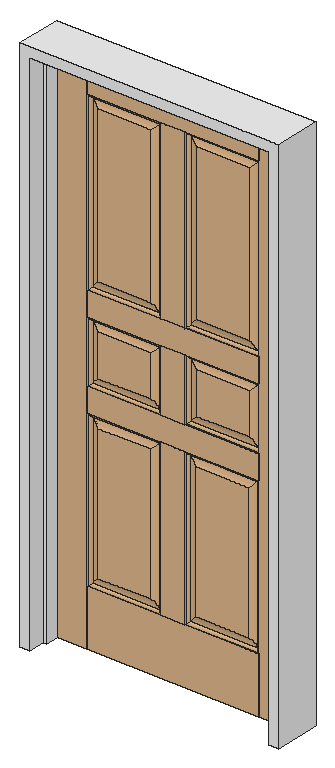
Revit family
Parameters (values of type "1 3/8" Raised Panel")
  URL = "http://www.karonadoor.com"
  Thickness Note = "Do not edit thickness."  # constant formula
  Thickness = 1.334"
  Swing Angle 2D = 90.00°
  SmartBIM Object Version = 1  # constant formula
  SmartBIM Object Created By = "Reed Construction Data"  # constant formula
  Rough Width = 0.000"
  Rough Height = 0.000"
  Panel = Panel_K5600_Karona : 1 3/8" - Raised Panel
  Model = "K5600 Ovolo"  # constant formula
  Manufacturer = "Karona , Inc."  # constant formula
  Detail Door Thickness = 1.375"
  Assembly Code = ""
  Top Rail Height = 5.000"
  Top Rail = Wood, Cherry - Grain Horizontal
  Stile Width = 5.063"
  Stile = Wood, Cherry - Grain Vertical
  Sticking = Wood, Cherry - Grain Vertical
  Middle Rail = Wood, Cherry - Grain Horizontal
  Height = 80.000"
  Wall Closure = (empty or 0)
  Width = 36.000"
  Frame = Metal
  Bottom Rail Height = 8.500"
  Bottom Rail = Wood, Cherry - Grain Horizontal
  95 CSI = "08210"  # constant formula
  04 CSI = "08 14 33"  # constant formula
Types (9): name | Thickness | Rough Height | Panel | Detail Door Thickness
  1 3/4" Flat Panel | 1.774" | 1.750" | Panel_K5600_Karona : 1 3/4" - Flat Panel | 1.750"
  1 3/8" Flat Panel | 1.334" | 0.000" | Panel_K5600_Karona : 1 3/8" - Flat Panel | 1.375"
  2 1/4" Flat Panel | 2.250" | 0.000" | Panel_K5600_Karona : 2 1/4" - Flat Panel | 2.250"
  1 3/4" Glass Panel | 1.774" | 1.750" | Panel_K5600_Karona : 1 3/4" - Glass Panel | 1.750"
  1 3/8" Glass Panel | 1.334" | 0.000" | Panel_K5600_Karona : 1 3/8" - Glass Panel | 1.375"
  2 1/4" Glass Panel | 2.250" | 0.000" | Panel_K5600_Karona : 2 1/4" - Glass | 2.250"
  1 3/4" Raised Panel | 1.774" | 1.750" | Panel_K5600_Karona : 1 3/4" - Raised Panel | 1.750"
  1 3/8" Raised Panel | 1.334" | 0.000" | Panel_K5600_Karona : 1 3/8" - Raised Panel | 1.375"
  2 1/4" Raised Panel | 2.250" | 0.000" | Panel_K5600_Karona : 2 1/4" - Raised Panel | 2.250"
Reference planes (in)
  plane 1 "Center (Front/Back)": y = 0
  plane 2 "Center (Left/Right)": x = 0
  plane 3 "Left": x = -18
  plane 4 "Right": x = 18
  plane 5 "Top": z = 80
  plane 6 "Exterior Edge of Frame": y = 3.5
  plane 7 "Interior Edge of Frame": y = -3.5
  plane 8: y = 1
  plane 9: y = -1
  plane 10 "Opening Left": x = -19.5
  plane 11 "Opening Right": x = 19.5
  plane 12 "Top of Opening": z = 81.5
  plane 13: x = -17.5
Forms (in)
  Sweep 1, solid, material "Metal" <- "Frame"
    path origin (0, 0, 0) x (1, 0, 0) y (0, 0, 1)
      loop
        line (-19.5, 0) -> (-19.5, 81.5) -> (19.5, 81.5) -> (19.5, 0)
    profile origin (-19.5, 0, 40.75) x (-1, 0, 0) y (0, -1, 0)
      loop
        line (0, -3.5) -> (0, 3.5) -> (-1.5, 3.5) -> (-1.5, 1) -> (-2, 1) -> (-2, -1) -> (-1.5, -1) -> (-1.5, -3.5) -> (0, -3.5)
Lines and regions (in)
  Opening 1
    outline origin (-90, -3, 0) x (1, 0, 0) y (0, 0, 1)
      loop
        line (70.5, 0) -> (109.5, 0) -> (109.5, 81.5) -> (70.5, 81.5) -> (70.5, 0)
  symbolic lines, style "Elevation Swing"
    curve 1: line (18, 3, 0) -> (-18, 3, 40)
    curve 2: line (-18, 3, 40) -> (18, 3, 80)
Text (in)
  text "Exterior" at (-46.13199, 20.20143, 0), in view "Ref. Level"
  text "Interior" at (-46.13199, -10.56751, 0), in view "Ref. Level"
  text "Exterior" at (0, 40.15149, 123.01588), in view "Right"
  text "Interior" at (0, -64.39139, 123.01588), in view "Right"
  text "Interior" at (0, -31.01599, 123.00693), in view "Left"
  text "Exterior" at (0, 54.57065, 123.00693), in view "Left"
Dimensions and locks (in)
  "Height": level to plane 5 "Top"
  "Width": plane 3 "Left" to plane 4 "Right"
  equal spacing: host wall, curve 2, plane 5 "Top"
  locked: host wall to plane 7 "Interior Edge of Frame" at 0.5
  locked: plane 6 "Exterior Edge of Frame" to host wall at 0.5
  locked: plane 9 to plane 7 "Interior Edge of Frame" at 2.5
  locked: plane 6 "Exterior Edge of Frame" to plane 8 at 2.5
  equal spacing: plane 3 "Left", plane 2 "Center (Left/Right)", plane 4 "Right"
  locked: plane 4 "Right" to plane 11 "Opening Right" at 1.5
  locked: plane 5 "Top" to plane 12 "Top of Opening" at 1.5
  locked: plane 3 "Left" to plane 13 at 0.5
  locked: plane 10 "Opening Left" to plane 3 "Left" at 1.5
  aligned and locked: Opening 1 sketch curve to level
  aligned and locked: plane 4 "Right" to curve 1
  aligned and locked: plane 3 "Left" to curve 1
  aligned and locked: plane 5 "Top" to curve 2
  aligned and locked: Opening 1 sketch curve to plane 11 "Opening Right"
  aligned and locked: plane 12 "Top of Opening" to Opening 1 sketch curve
  aligned and locked: Opening 1 sketch curve to plane 10 "Opening Left"
  aligned and locked: plane 10 "Opening Left" to Sweep 1 sketch curve
  aligned and locked: plane 12 "Top of Opening" to Sweep 1 sketch curve
  aligned and locked: plane 11 "Opening Right" to Sweep 1 sketch curve
  aligned and locked: level to Sweep 1 sketch curve  (x2)
  aligned and locked: Sweep 1 sketch curve to plane 10 "Opening Left"
  aligned and locked: Sweep 1 sketch curve to plane 6 "Exterior Edge of Frame"
  aligned and locked: Sweep 1 sketch curve to plane 7 "Interior Edge of Frame"
  aligned and locked: Sweep 1 sketch curve to plane 8
  aligned and locked: Sweep 1 sketch curve to plane 9
  aligned and locked: plane 13 to Sweep 1 sketch curve
  aligned and locked: plane 3 "Left" to Sweep 1 sketch curve  (x2)
  aligned and locked: nested 1 to plane 2 "Center (Left/Right)"
  aligned and locked: nested 1 to plane 8  (x2)
  aligned and locked: nested 2 to plane 3 "Left"
  aligned and locked: nested 2 to plane 8
Automatic sketch dimensions
  curve 1 to level = 0.000"
  curve 2 to plane 4 "Right" = 0.000"
Nested families (in)
  nested 1: "Panel_K5600_Karona" at (-13.5, 0.5595, 0) x (-1, 0, 0) z (0, 0, 1), type <- "Panel", type "1 3/8" - Raised Panel"
  nested 2: "Door Panel Plan View" at (-31.5, 1, 0) x (-1, 0, 0) z (0, 0, 1), type "Door Panel Plan View"
    with Thickness 1.375", Height 80.000"
Definition of nested family "Panel_K5600_Karona"
  Parameters (values of type "2 1/4" - Raised Panel")
    Width = 36.000"
    Top Rail Material = Wood, Cherry - Grain Horizontal
    Top Rail Height = 5.000"
    Top Panel Offset = 14.875"
    Thickness Note = "Do not change door thickness"  # constant formula
    Thickness = 2.250"
    Stile Width = 5.063"
    Stile Material = Wood, Cherry - Grain Vertical
    Sticking Material = Wood, Cherry - Grain Vertical
    Panel Width = (Width - ((2 * Stile Width) + Mullion Width)) / 2  # 11.1245"
    Panel Height = Height - (Top Rail Height + Mullion Width + Middle Panel Height + Mullion Width + Bottom Panel Height + Bottom Rail Height)  # 26.500"
    Panel = Glass-Sticking-Assembly-Ovolo_Karona : Raised Panel
    Mullion Width = 3.625"  # constant formula
    Middle Panel Width = Width - (2 * Stile Width)  # 25.874"
    Middle Panel Height = 9.375"  # constant formula
    Interior Panel = Wood, Cherry - Grain Vertical
    Height = 80.000"
    Exterior Edge - Glass Bottom Offset = if(Thickness = 1.774", 0.567", if(Thickness = 2.250", 0.803", 0.469"))  # 0.803"
    Door Panel Material = Wood, Cherry - Grain Vertical
    Default Elevation = 0.000"  # constant formula
    Bottom Rail Material = Wood, Cherry - Grain Horizontal
    Bottom Rail Height = 8.500"
    Bottom Panel Height = Bottom Height - (Bottom Rail Height + Mullion Width)  # 23.375"
    Bottom Height = 35.500"
    Assembly Code = ""
  Types (9): name | Top Panel Offset | Thickness | Panel | Interior Panel | Exterior Edge - Glass Bottom Offset
    2 1/4" - Flat Panel | 14.875" | 2.250" | Glass-Sticking-Assembly-Ovolo_Karona : Flat Panel | Wood, Cherry - Grain Vertical | 0.803"
    2 1/4" - Glass | 14.875" | 2.250" | Glass-Sticking-Assembly-Ovolo_Karona : Glass Panel | Glass | 0.803"
    2 1/4" - Raised Panel | 14.875" | 2.250" | Glass-Sticking-Assembly-Ovolo_Karona : Raised Panel | Wood, Cherry - Grain Vertical | 0.803"
    1 3/4" - Raised Panel | 16.542" | 1.774" | Glass-Sticking-Assembly-Ovolo_Karona : Raised Panel | Wood, Cherry - Grain Vertical | 0.567"
    1 3/4" - Flat Panel | 14.875" | 1.774" | Glass-Sticking-Assembly-Ovolo_Karona : Flat Panel | Wood, Cherry - Grain Vertical | 0.567"
    1 3/4" - Glass Panel | 14.875" | 1.774" | Glass-Sticking-Assembly-Ovolo_Karona : Glass Panel | Glass | 0.567"
    1 3/8" - Raised Panel | 14.875" | 1.334" | Glass-Sticking-Assembly-Ovolo_Karona : Raised Panel | Wood, Cherry - Grain Vertical | 0.469"
    1 3/8" - Glass Panel | 14.875" | 1.334" | Glass-Sticking-Assembly-Ovolo_Karona : Glass Panel | Glass | 0.469"
    1 3/8" - Flat Panel | 14.875" | 1.334" | Glass-Sticking-Assembly-Ovolo_Karona : Flat Panel | Wood, Cherry - Grain Vertical | 0.469"
  Reference planes (in)
    plane 1 "Center (Front/Back)": y = 1.2315
    plane 2: z = 0
    plane 3 "Center (Left/Right)": x = -13.5
    plane 4 "Left": x = -31.5
    plane 5: x = 4.5
    plane 6 "Inner Left": x = -26.437
    plane 7 "Inner Right": x = -0.563
    plane 8 "Bottom Of Top Rail": z = 75
    plane 9 "Top": z = 80
    plane 10 "Interior Edge of Door": y = 2.3565
    plane 11: z = 75
    plane 12 "Exterior Edge of Door": y = 0.1065
    plane 13 "Bottom of Glass": y = 0.9095
    plane 14 "Left Panel Vertical Midline": x = -13.5
    plane 15: z = 48.5
    plane 16: z = 44.875
    plane 17: z = 35.5
    plane 18: z = 31.875
    plane 19: z = 8.5
    plane 20: z = 61.75
    plane 21: z = 20.1875
    plane 22: z = 40.1875
    plane 23: x = -20.87475
    plane 24: x = -6.12525
    plane 25: x = -15.3125
    plane 26: x = -11.6875
  Forms (in)
    Extrusion 1, solid, material "Wood, Cherry - Grain Horizontal" <- "Bottom Rail Material"
      sketch origin (0, -101.3125, 0) x (1, 0, 0) y (0, 0, 1)
        loop
          line (-26.437, 0) -> (-0.563, 0) -> (-0.563, 8.5) -> (-26.437, 8.5) -> (-26.437, 0)
      from -103.669 to -101.419
    Extrusion 2, solid, material "Wood, Cherry - Grain Vertical" <- "Stile Material"
      sketch origin (0, 1.2315, 0) x (1, 0, 0) y (0, 0, 1)
        loop
          line (-31.5, 80) -> (-31.5, 0) -> (-26.437, 0) -> (-26.437, 80) -> (-31.5, 80)
        loop
          line (-0.563, 0) -> (4.5, 0) -> (4.5, 80) -> (-0.563, 80) -> (-0.563, 0)
      from -1.125 to 1.125
    Extrusion 3, solid, material "Wood, Cherry - Grain Horizontal" <- "Top Rail Material"
      sketch origin (0, 1.2315, 0) x (1, 0, 0) y (0, 0, 1)
        loop
          line (-26.437, 80) -> (-26.437, 75) -> (-0.563, 75) -> (-0.563, 80) -> (-26.437, 80)
      from -1.125 to 1.125
    Extrusion 4, solid, material "Wood, Cherry - Grain Horizontal" <- "Top Rail Material"
      sketch origin (0, 1.2315, 0) x (1, 0, 0) y (0, 0, 1)
        loop
          line (-26.437, 31.875) -> (-0.563, 31.875) -> (-0.563, 35.5) -> (-26.437, 35.5) -> (-26.437, 31.875)
        loop
          line (-26.437, 48.5) -> (-26.437, 44.875) -> (-0.563, 44.875) -> (-0.563, 48.5) -> (-26.437, 48.5)
      from -1.125 to 1.125
    Extrusion 5, solid, material "Wood, Cherry - Grain Vertical" <- "Door Panel Material"
      sketch origin (0, 1.2315, 0) x (1, 0, 0) y (0, 0, 1)
        loop
          line (-15.3125, 75) -> (-15.3125, 48.5) -> (-11.6875, 48.5) -> (-11.6875, 75) -> (-15.3125, 75)
        loop
          line (-15.3125, 31.875) -> (-15.3125, 8.5) -> (-11.6875, 8.5) -> (-11.6875, 31.875) -> (-15.3125, 31.875)
        loop
          line (-15.3125, 35.5) -> (-11.6875, 35.5) -> (-11.6875, 44.875) -> (-15.3125, 44.875) -> (-15.3125, 35.5)
      from -1.125 to 1.125
  Text (in)
    text "EXTERIOR" at (-34.59289, -1.27941, 0), in view "Ref. Level"
    text "EXTERIOR" at (0, -9.65287, 72.76687), in view "Left"
    text "EXTERIOR" at (0, -33.33473, 96.68074), in view "Right"
  Dimensions and locks (in)
    equal spacing: plane 4 "Left", plane 3 "Center (Left/Right)", plane 5
    "Width": plane 4 "Left" to plane 5
    "Stile Width": plane 4 "Left" to plane 6 "Inner Left"
    "Stile Width": plane 5 to plane 7 "Inner Right"
    "Top Rail Height": plane 9 "Top" to plane 8 "Bottom Of Top Rail"
    "Height": plane 9 "Top" to plane 2
    equal spacing: plane 10 "Interior Edge of Door", plane 1 "Center (Front/Back)", plane 12 "Exterior Edge of Door"
    "Thickness": plane 10 "Interior Edge of Door" to plane 12 "Exterior Edge of Door"
    "Exterior Edge - Glass Bottom Offset": plane 13 "Bottom of Glass" to plane 12 "Exterior Edge of Door"
    "Exterior Edge - Glass Bottom Offset": plane 12 "Exterior Edge of Door" to plane 13 "Bottom of Glass"
    "Mullion Width": plane 15 to plane 16
    "Bottom Rail Height": plane 19 to level
    "Panel Height": plane 11 to plane 15
    equal spacing: plane 11, plane 20, plane 15
    equal spacing: plane 18, plane 21, plane 19
    "Mullion Width": plane 17 to plane 18
    equal spacing: plane 16, plane 22, plane 17
    "Mullion Width": plane 26 to plane 25
    equal spacing: plane 25, plane 23, plane 6 "Inner Left"
    equal spacing: plane 26, plane 24, plane 7 "Inner Right"
    equal spacing: plane 26, plane 3 "Center (Left/Right)", plane 25
    "Bottom Height": plane 17 to level
    aligned and locked: Extrusion 1 to plane 2
    aligned and locked: plane 10 "Interior Edge of Door" to Extrusion 1
    aligned and locked: plane 4 "Left" to Extrusion 2 sketch curve
    aligned and locked: Extrusion 2 sketch curve to plane 9 "Top"
    aligned and locked: Extrusion 2 sketch curve to Extrusion 1  (x3)
    aligned and locked: Extrusion 1 to Extrusion 2 sketch curve
    aligned and locked: plane 9 "Top" to Extrusion 2 sketch curve
    aligned and locked: plane 5 to Extrusion 2 sketch curve
    aligned and locked: plane 10 "Interior Edge of Door" to Extrusion 2
    aligned and locked: Extrusion 2 to Extrusion 3 sketch curve
    aligned and locked: Extrusion 3 sketch curve to Extrusion 2
    aligned and locked: plane 10 "Interior Edge of Door" to Extrusion 3
    aligned and locked: plane 11 to plane 8 "Bottom Of Top Rail"
    aligned and locked: level to plane 2
    aligned and locked: Extrusion 3 to plane 12 "Exterior Edge of Door"
    aligned and locked: Extrusion 3 to plane 10 "Interior Edge of Door"
    aligned and locked: Extrusion 2 to plane 12 "Exterior Edge of Door"
    aligned and locked: Extrusion 3 to plane 11
    aligned and locked: Extrusion 1 to Extrusion 2
    aligned and locked: nested 1 to plane 1 "Center (Front/Back)"
    aligned and locked: plane 20 to nested 2
    aligned and locked: Extrusion 4 sketch curve to plane 18
    aligned and locked: Extrusion 4 sketch curve to plane 6 "Inner Left"  (x2)
    aligned and locked: Extrusion 4 sketch curve to plane 7 "Inner Right"  (x2)
    aligned and locked: Extrusion 4 sketch curve to plane 17
    aligned and locked: Extrusion 4 sketch curve to plane 15
    aligned and locked: Extrusion 4 sketch curve to plane 16
    aligned and locked: plane 10 "Interior Edge of Door" to Extrusion 4
    aligned and locked: Extrusion 4 to plane 12 "Exterior Edge of Door"
    aligned and locked: plane 23 to nested 2
    aligned and locked: plane 23 to nested 1
    aligned and locked: nested 5 to plane 20
    aligned and locked: nested 4 to plane 21
    aligned and locked: plane 24 to nested 5
    aligned and locked: plane 24 to nested 4
    aligned and locked: plane 1 "Center (Front/Back)" to nested 4
    aligned and locked: plane 1 "Center (Front/Back)" to nested 5
    aligned and locked: Extrusion 5 sketch curve to plane 25  (x3)
    aligned and locked: plane 26 to Extrusion 5 sketch curve  (x3)
    aligned and locked: Extrusion 5 sketch curve to plane 15
    aligned and locked: Extrusion 5 sketch curve to plane 11
    aligned and locked: Extrusion 5 sketch curve to plane 18
    aligned and locked: Extrusion 5 sketch curve to plane 19
    aligned and locked: plane 10 "Interior Edge of Door" to Extrusion 5
    aligned and locked: Extrusion 5 to plane 12 "Exterior Edge of Door"
    aligned and locked: plane 23 to nested 3
    aligned and locked: nested 6 to plane 22
    aligned and locked: plane 24 to nested 6
    aligned and locked: plane 1 "Center (Front/Back)" to nested 6
    aligned and locked: Extrusion 5 sketch curve to plane 17
    aligned and locked: Extrusion 5 sketch curve to plane 16
    aligned and locked: plane 22 to nested 3
    aligned and locked: plane 21 to nested 1
  Automatic sketch dimensions
    Extrusion 1 sketch curve to plane 6 "Inner Left" = 0.000"
    Extrusion 1 sketch curve to plane 7 "Inner Right" = 0.000"
    Extrusion 1 sketch curve to level = 0.000"
    Extrusion 1 sketch curve to plane 19 = 0.000"
    Extrusion 3 sketch curve to plane 7 "Inner Right" = 0.000"
    Extrusion 3 sketch curve to plane 8 "Bottom Of Top Rail" = 0.000"
  Nested families (in)
    nested 1: "Glass-Sticking-Assembly-Ovolo_Karona" at (-21.3435, 1.38, 8.5), Width <- "Panel Width", Height <- "Bottom Panel Height", type <- "Panel", type "Raised Panel"
      with Width 11.1245", Height 23.375", Stop Adjustment 0.513", Door Thickness 2.250", C 0.437", B 0.803", A 0.431"
    nested 2: "Glass-Sticking-Assembly-Ovolo_Karona" at (-21.3435, 1.38, 48.5), Width <- "Panel Width", Height <- "Panel Height", type <- "Panel", type "Raised Panel"
      with Width 11.1245", Height 26.500", Stop Adjustment 0.513", Door Thickness 2.250", C 0.437", B 0.803", A 0.431"
    nested 3: "Glass-Sticking-Assembly-Ovolo_Karona" at (-21.3435, 1.378, 35.5), Width <- "Panel Width", Height <- "Middle Panel Height", type <- "Panel", type "Raised Panel"
      with Width 11.1245", Height 9.375", Stop Adjustment 0.513", Door Thickness 2.250", C 0.437", B 0.803", A 0.431"
    nested 4: "Glass-Sticking-Assembly-Ovolo_Karona" at (-5.6565, 1.38, 8.5) x (-1, 0, 0) z (0, 0, 1), Width <- "Panel Width", Height <- "Bottom Panel Height", type <- "Panel", type "Raised Panel"
      with Width 11.1245", Height 23.375", Stop Adjustment 0.513", Door Thickness 2.250", C 0.437", B 0.803", A 0.431"
    nested 5: "Glass-Sticking-Assembly-Ovolo_Karona" at (-5.6565, 1.38, 48.5) x (-1, 0, 0) z (0, 0, 1), Width <- "Panel Width", Height <- "Panel Height", type <- "Panel", type "Raised Panel"
      with Width 11.1245", Height 26.500", Stop Adjustment 0.513", Door Thickness 2.250", C 0.437", B 0.803", A 0.431"
    nested 6: "Glass-Sticking-Assembly-Ovolo_Karona" at (-5.6565, 1.38, 35.5) x (-1, 0, 0) z (0, 0, 1), Width <- "Panel Width", Height <- "Middle Panel Height", type <- "Panel", type "Raised Panel"
      with Width 11.1245", Height 9.375", Stop Adjustment 0.513", Door Thickness 2.250", C 0.437", B 0.803", A 0.431"
  Definition of nested family "Glass-Sticking-Assembly-Ovolo_Karona"
    Parameters (values of type "Raised Panel")
      Width [instance] = 4.000"
      Vertical Profile Offset = if(Glass Panel, 0.473", 0.050")  # 0.050"
      Stop Adjustment = if(and(not(Glass Panel), Door Thickness = 1.774"), 0.513", if(and(not(Glass Panel), Door Thickness = 2.250"), 0.513", if((Glass Panel), 0.125", 0.273")))  # 0.273"
      Profile = Wood, Cherry - Grain Vertical
      Height [instance] = 23.000"
      Raised Panel = yes
      Interior Panel = Wood, Cherry - Grain Vertical
      Glass Panel = no
      Door Thickness = 1.334"
      C = if(Door Thickness = 1.774", 0.197", if(Door Thickness = 2.250", 0.437", 0.106"))  # 0.106"
      B = if(Door Thickness = 1.774", 0.567", if(Door Thickness = 2.250", 0.803", 0.469"))  # 0.469"
      Assembly Code = ""
      A = if(Door Thickness = 1.774", 0.195", if(Door Thickness = 2.250", 0.431", 0.108"))  # 0.108"
    Types (3): name | Width | Vertical Profile Offset | Stop Adjustment | Raised Panel | Glass Panel | Door Thickness | C | B | A
      Glass Panel | 5.000" | 0.473" | 0.125" | no | yes | 2.250" | 0.437" | 0.803" | 0.431"
      Flat Panel | 4.500" | 0.050" | 0.513" | no | no | 2.250" | 0.437" | 0.803" | 0.431"
      Raised Panel | 4.000" | 0.050" | 0.273" | yes | no | 1.334" | 0.106" | 0.469" | 0.108"
    Reference planes (in)
      plane 1 "Stop Adjustment Edge": y = -0.3455
      plane 2: z = 0
      plane 3 "Center (Left/Right)": x = 0.46875
      plane 4 "Back": y = 0.3945
      plane 5 "Front": y = -0.9395
      plane 6 "Left": x = -1.53125
      plane 7 "Right": x = 2.46875
      plane 8 "Top": z = 23
      plane 9 "Center (Up/Down)": z = 11.5
      plane 10 "Bottom of Stop": y = -0.0725
      plane 11 "Bottom of Glass": y = -0.4705
      plane 12 "Right Edge of Glass": x = 2.41875
      plane 13 "Left Edge of Glass": x = -1.48125
      plane 14 "Top Edge of Glass": z = 22.90625
      plane 15 "Bottom Edge of Glass": z = 0.09375
      plane 16: x = 2.34375
      plane 17 "A": y = -0.8315
      plane 18 "C": y = 0.2885
      plane 19 "Bottom Cut Line": z = 0.438
      plane 20 "Top Cut Line": z = 22.562
      plane 21 "Cut Vertical Left": x = -1.09325
      plane 22 "Cut Vertical": x = 2.03075
      plane 23 "Center (Front/Back)": y = -0.2725
    Forms (in)
      Sweep 1, solid, material "Wood, Cherry - Grain Vertical" <- "Profile"
        path origin (0, -0.3455, 0) x (1, 0, 0) y (0, 0, 1)
          loop
            line (2.46875, 23) -> (-1.53125, 23) -> (-1.53125, 0) -> (2.46875, 0) -> (2.46875, 23)
        profile origin (2.46875, -0.3455, 11.5) x (0, -1, 0) y (1, 0, 0)
          loop
            line (-0.634, 0) -> (-0.634, -0.438) -> (-0.273, -0.438) -> (-0.273, -0.05) -> (0.125, -0.05) -> (0.125, -0.44588)
            arc (0.125, -0.44588) -> (0.40126, -0.29929) -> (0.492, 0) r 0.40707
            line (0.492, 0) -> (-0.634, 0)
      Extrusion 2, solid, material "Wood, Cherry - Grain Vertical" <- "Interior Panel"
        sketch origin (0, 0, 0) x (1, 0, 0) y (0, 1, 0)
          loop
            line (-1.48125, -0.0725) -> (-1.48125, -0.4705) -> (2.41875, -0.4705) -> (2.41875, -0.0725) -> (-1.48125, -0.0725)
        from 0.09375 to 22.90625
      Extrusion 3, solid, material "Wood, Cherry - Grain Vertical" <- "Profile", visible <- "Raised Panel"
        sketch origin (0, 0, 0) x (1, 0, 0) y (0, 1, 0)
          loop
            line (2.03075, 0.2885) -> (-1.09325, 0.2885) -> (-1.09325, -0.0725) -> (2.03075, -0.0725) -> (2.03075, 0.2885)
          loop
            line (-1.09325, -0.4705) -> (-1.09325, -0.8315) -> (2.03075, -0.8315) -> (2.03075, -0.4705) -> (-1.09325, -0.4705)
        from 0.438 to 22.562
      Sweep 4, void
        path origin (0, -0.0725, 0) x (-1, 0, 0) y (0, 0, 1)
          loop
            line (1.53125, 0) -> (1.53125, 23) -> (-2.46875, 23) -> (-2.46875, 0) -> (1.53125, 0)
        profile "Profile : 05" origin (-1.53125, -0.0725, 11.5) x (1, 0, 0) y (0, 1, 0)
          loop
            line (0, 0.05) -> (0.36169, 0.05096)
            arc (0.36169, 0.05096) -> (1.01257, 0.13642) -> (1.61934, 0.387) r 2.52143
            line (1.61934, 0.387) -> (0, 0.387) -> (0, 0.05)
      Sweep 5, void
        path origin (0, -0.4705, 0) x (-1, 0, 0) y (0, 0, 1)
          loop
            line (-2.46875, 23) -> (-2.46875, 0) -> (1.53125, 0) -> (1.53125, 23) -> (-2.46875, 23)
        profile "Profile : 05" origin (2.46875, -0.4705, 11.5) x (-1, 0, 0) y (0, 1, 0)
          loop
            line (0, -0.05) -> (0, -0.387) -> (1.61934, -0.387)
            arc (1.61934, -0.387) -> (1.01257, -0.13642) -> (0.36169, -0.05096) r 2.52143
            line (0.36169, -0.05096) -> (0, -0.05)
      Sweep 6, void
        path origin (0, 0.2885, 0) x (1, 0, 0) y (0, 0, 1)
          loop
            line (-1.09325, 0.438) -> (2.03075, 0.438) -> (2.03075, 22.562) -> (-1.09325, 22.562) -> (-1.09325, 0.438)
        profile "QuarterCircleCut : QuarterCircleCut" origin (2.03075, 0.2885, 11.5) x (-1, 0, 0) y (0, -1, 0)
          loop
            arc (0.35, 0) -> (0.10251, 0.10251) -> (0, 0.35) r 0.35
            line (0, 0.35) -> (0, 0) -> (0.35, 0)
    Cuts and joins
      Sweep 4, Sweep 5 cuts Extrusion 3
      Sweep 6 cuts Sweep 1
    Text (in)
      text "INTERIOR" at (-14.3788, 3.49864, 0), in view "Ref. Level"
    Dimensions and locks (in)
      equal spacing: plane 6 "Left", plane 3 "Center (Left/Right)", plane 7 "Right"
      "Width": plane 6 "Left" to plane 7 "Right"
      "Door Thickness": plane 4 "Back" to plane 5 "Front"
      "Height": plane 8 "Top" to plane 2
      equal spacing: plane 8 "Top", plane 9 "Center (Up/Down)", level
      locked: plane 1 "Stop Adjustment Edge" to plane 11 "Bottom of Glass" at 0.125
      "Stop Adjustment": plane 10 "Bottom of Stop" to plane 1 "Stop Adjustment Edge"
      locked: plane 12 "Right Edge of Glass" to plane 7 "Right" at 0.05
      locked: plane 8 "Top" to plane 14 "Top Edge of Glass" at 0.09375
      locked: plane 15 "Bottom Edge of Glass" to level at 0.09375
      locked: plane 6 "Left" to plane 13 "Left Edge of Glass" at 0.05
      "B": plane 5 "Front" to plane 11 "Bottom of Glass"
      locked: plane 16 to plane 7 "Right" at 0.125
      "A": plane 5 "Front" to plane 17 "A"
      "C": plane 18 "C" to plane 4 "Back"
      plane 4 "Back" to Sweep 1 = 0.467"
      locked: plane 19 "Bottom Cut Line" to level at 0.438
      locked: plane 8 "Top" to plane 20 "Top Cut Line" at 0.438
      locked: plane 6 "Left" to plane 21 "Cut Vertical Left" at 0.438
      locked: plane 22 "Cut Vertical" to plane 7 "Right" at 0.438
      equal spacing: plane 4 "Back", plane 23 "Center (Front/Back)", plane 5 "Front"
      aligned and locked: Sweep 1 sketch curve to plane 7 "Right"
      aligned and locked: Sweep 1 sketch curve to plane 8 "Top"
      aligned and locked: Sweep 1 sketch curve to plane 6 "Left"
      aligned and locked: Sweep 1 sketch curve to level
      aligned and locked: plane 10 "Bottom of Stop" to Sweep 1 sketch curve
      aligned and locked: plane 11 "Bottom of Glass" to Sweep 1 sketch curve
      aligned and locked: Extrusion 2 sketch curve to plane 13 "Left Edge of Glass"
      aligned and locked: Extrusion 2 sketch curve to plane 10 "Bottom of Stop"
      aligned and locked: Extrusion 2 sketch curve to plane 11 "Bottom of Glass"
      aligned and locked: Extrusion 2 sketch curve to plane 12 "Right Edge of Glass"
      aligned and locked: plane 14 "Top Edge of Glass" to Extrusion 2
      aligned and locked: Extrusion 2 to plane 15 "Bottom Edge of Glass"
      aligned and locked: Extrusion 3 sketch curve to plane 18 "C"
      aligned and locked: Extrusion 3 sketch curve to plane 10 "Bottom of Stop"
      aligned and locked: Extrusion 3 sketch curve to plane 11 "Bottom of Glass"
      aligned and locked: Extrusion 3 sketch curve to plane 17 "A"
      aligned and locked: Extrusion 3 to plane 19 "Bottom Cut Line"
      aligned and locked: Extrusion 3 to plane 20 "Top Cut Line"
      aligned and locked: plane 12 "Right Edge of Glass" to Sweep 1 sketch curve
      aligned and locked: plane 22 "Cut Vertical" to Extrusion 3 sketch curve  (x2)
      aligned and locked: Extrusion 3 sketch curve to plane 21 "Cut Vertical Left"  (x2)
      aligned and locked: plane 22 "Cut Vertical" to Sweep 1 sketch curve
      aligned and locked: Sweep 5 sketch curve to plane 6 "Left"
      aligned and locked: plane 8 "Top" to Sweep 5 sketch curve
      aligned and locked: Sweep 5 sketch curve to plane 7 "Right"
      aligned and locked: level to Sweep 5 sketch curve
      aligned and locked: Sweep 4 sketch curve to plane 7 "Right"
      aligned and locked: plane 8 "Top" to Sweep 4 sketch curve
      aligned and locked: Sweep 4 sketch curve to plane 6 "Left"
      aligned and locked: level to Sweep 4 sketch curve
      aligned and locked: plane 18 "C" to Sweep 1 sketch curve
      aligned and locked: Sweep 6 sketch curve to plane 21 "Cut Vertical Left"
      aligned and locked: plane 22 "Cut Vertical" to Sweep 6 sketch curve
      aligned and locked: Sweep 6 sketch curve to plane 19 "Bottom Cut Line"
      aligned and locked: plane 20 "Top Cut Line" to Sweep 6 sketch curve
    Automatic sketch dimensions
      Sweep 1 sketch curve to Sweep 1 sketch curve = 0.03804"
      Sweep 1 sketch curve to Sweep 1 sketch curve = 0.367"
      plane 16 to Sweep 1 sketch curve = 0.32088"
      Sweep 1 sketch curve to profile plane = 0.000"
Definition of nested family "Door Panel Plan View"
  Parameters (values of type "Door Panel Plan View")
    Width = 36.000"
    Thickness = 2.000"
    Swing Angle 2D = 90.00°
    Height = 0.000"
    Assembly Code = ""
  Reference planes (in)
    plane 1 "Center (Front/Back)": y = 0
    plane 2: z = 0
    plane 3 "Center (Left/Right)": x = -13.5
  Lines and regions (in)
    symbolic lines, style "DoorsPanelProjection"
      curve 1: line (-13.5, 0, 0) -> (-13.5, 36, 0)
      curve 2: line (-15.5, 0, 0) -> (-15.5, 36, 0)
      curve 3: line (-13.5, 0, 0) -> (-15.5, 0, 0)
      curve 4: line (-13.5, 36, 0) -> (-15.5, 36, 0)
    symbolic lines, style "Plan Swing"
      curve 5: arc (-13.5, 36, 0) -> (-38.95584, 25.45584, 0) -> (-49.5, 0, 0) r 36
  Dimensions and locks (in)
    "Width": curve 4 to curve 3
    "Thickness": curve 1 to curve 2
    "Swing Angle 2D": angle curve 1 to plane 1 "Center (Front/Back)"
    aligned and locked: plane 1 "Center (Front/Back)" to curve 5
  Automatic sketch dimensions
    curve 3 to plane 1 "Center (Front/Back)" = 0.000"
    curve 5 to plane 3 "Center (Left/Right)" = 0.000"
    curve 3 to plane 3 "Center (Left/Right)" = 0.000"
